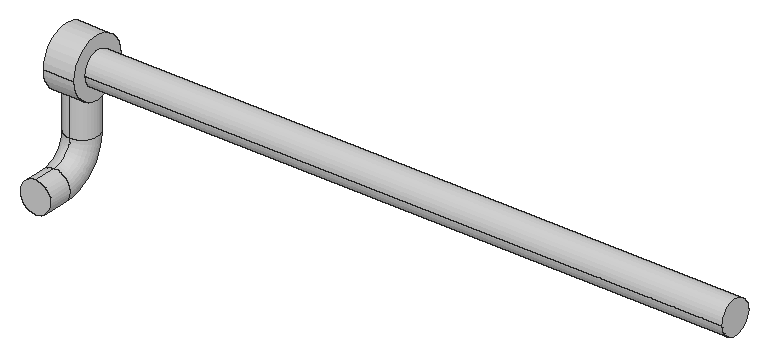
Revit family "EV_LONG HOOK_1850183", category Generic Models, Revit 2018
Family settings
  Can host rebar = No
  Round Connector Dimension = Use Diameter
  Part Type = Normal
  OmniClass Number = 35.51.14.00
  OmniClass Title = FORMWORK
  Work Plane-Based = Yes
  Always vertical = No
  Cut with Voids When Loaded = No
  Shared = Yes
  Room Calculation Point = No
Parameters (values of type "EV_LONG HOOK_1850183")
  VERSION = "20190101"  # constant formula
  URL = "www.ulmaconstruction.com/en"
  UNICLASS = ""
  Manufacturer = "ULMA CONSTRUCTION"  # constant formula
  ITEM_CODE = "1850183"
  FILTER [instance] = ""
  Default Elevation = 0.000 mm
  CLASSIFICATION_TITLE = ""
  CLASSIFICATION_NUMBER = ""
Reference planes
  plane 1 "Centro (Frontal/Posterior)": y = 0
  plane 2: z = 0
  plane 3 "Centro (Izquierda/Derecha)": x = 0
  plane 4 "HOOK": z = 15
Forms (mm)
  Extrusion 1, solid, material "ULMA ZINC"
    sketch origin (0, 0, 0) x (0, 1, 0) y (0, 0, 1)
      loop
        circle (0, 15) r 15
    from -8 to 8
  Extrusion 2, solid, material "ULMA ZINC"
    sketch origin (0, 0, 0) x (0, 1, 0) y (0, 0, 1)
      loop
        circle (0, 15) r 8.5
    from -11 to 339
  Sweep 3, solid, material "ULMA ZINC"
    path in 3D
      loop
        line (0, -30, -35) -> (0, -18, -35)
        arc (0, -18, -35) -> (0, -5.272, -29.728) -> (0, 0, -17) r 18
        line (0, 0, -17) -> (0, 0, 15)
    profile origin (0, -24, -35) x (0, 0, 1) y (1, 0, 0)
      loop
        circle (0, 0) r 8
Cuts and joins
  joined: Extrusion 1, Extrusion 2, Sweep 3
Lines and regions (mm)
  reference lines
    curve 1: line (0, -30, -35) -> (0, -18, -35)
    curve 2: arc (0, -18, -35) -> (0, -5.272, -29.728) -> (0, 0, -17) r 18
    curve 3: line (0, 0, -17) -> (0, 0, 15)
  sketch lines
    curve 4: line (0, -30, -35) -> (0, -18, -35)
    curve 5: arc (0, -18, -35) -> (0, -5.272, -29.728) -> (0, 0, -17) r 18
    curve 6: line (0, 0, -17) -> (0, 0, 15)
Dimensions and locks
  aligned and locked: level to plane 2
